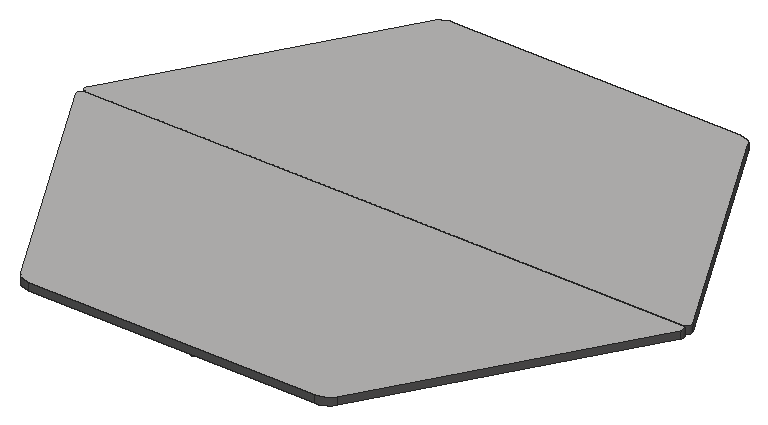
Revit family "22M 60 Hex", category Furniture, Revit 2016
Family settings
  OmniClass Number = 23.40.20.00
  OmniClass Title = General Furniture and Specialties
  Work Plane-Based = No
  Always vertical = Yes
  Cut with Voids When Loaded = No
  Shared = No
  Room Calculation Point = No
Parameters
  Top [instance] = Palmer Hamilton Lt Gry
  Open [instance] = yes
  Height [instance] = 2' - 5"
  Frame [instance] = Palmer Hamilton Black
  Edge [instance] = Palmer Hamilton Black
  Closed [instance] = not(Open)  # no
Reference planes (in)
  plane 1 "Center Front/Back": y = 0
  plane 2: z = 0
  plane 3 "Center Left/Right": x = 0
  plane 4: z = 29
  plane 5: z = 28.1875
  plane 6: z = 26.0625
Forms (in)
  Extrusion 1, solid, material "Palmer Hamilton Black" <- "Frame", visible <- "Open"
    sketch origin (0, 0, 0) x (1, 0, 0) y (0, 1, 0)
      loop
        line (-23.80109, -5.0625) -> (-23.80109, -8.21742) -> (-19.2566, -19.18879) -> (0, -27.16514) -> (19.2566, -19.18879) -> (23.80109, -8.21742) -> (23.80109, -5.0625) -> (23.30109, -5.0625) -> (23.30109, -8.11796) -> (18.87392, -18.80611) -> (0, -26.62394) -> (-18.87392, -18.80611) -> (-23.30109, -8.11796) -> (-23.30109, -5.0625) -> (-23.80109, -5.0625)
    from 26.0625 to 28.1875
  Extrusion 2, solid, visible <- "Open"
    sketch origin (0, 0, 0) x (1, 0, 0) y (0, 1, 0)
      loop
        line (-34.17192, -0.8125) -> (-17.89786, -29)
        arc (-17.89786, -29) -> (-17.16581, -29.73205) -> (-16.16581, -30) r 2
        line (-16.16581, -30) -> (16.16581, -30)
        arc (16.16581, -30) -> (17.16581, -29.73205) -> (17.89786, -29) r 2
        line (17.89786, -29) -> (34.17192, -0.8125)
        arc (34.17192, -0.8125) -> (34.17192, -0.3125) -> (33.73891, -0.0625) r 0.5
        line (33.73891, -0.0625) -> (-33.73891, -0.0625)
        arc (-33.73891, -0.0625) -> (-34.17192, -0.3125) -> (-34.17192, -0.8125) r 0.5
    from 28.1875 to 29
  Extrusion 3, solid, material "Palmer Hamilton Black" <- "Frame", visible <- "Closed"
    sketch origin (0, 25.42753, 37.57814) x (1, 0, 0) y (0, 0.017452, 0.999848)
      loop
        line (-23.80109, -5.0625) -> (-23.80109, -8.21742) -> (-19.2566, -19.18879) -> (0, -27.16514) -> (19.2566, -19.18879) -> (23.80109, -8.21742) -> (23.80109, -5.0625) -> (23.30109, -5.0625) -> (23.30109, -8.11796) -> (18.87392, -18.80611) -> (0, -26.62394) -> (-18.87392, -18.80611) -> (-23.30109, -8.11796) -> (-23.30109, -5.0625) -> (-23.80109, -5.0625)
    from 26.0625 to 28.1875
  Extrusion 4, solid, visible <- "Closed"
    sketch origin (0, 25.42753, 37.57814) x (1, 0, 0) y (0, 0.017452, 0.999848)
      loop
        line (-34.17192, -0.8125) -> (-17.89786, -29)
        arc (-17.89786, -29) -> (-17.16581, -29.73205) -> (-16.16581, -30) r 2
        line (-16.16581, -30) -> (16.16581, -30)
        arc (16.16581, -30) -> (17.16581, -29.73205) -> (17.89786, -29) r 2
        line (17.89786, -29) -> (34.17192, -0.8125)
        arc (34.17192, -0.8125) -> (34.17192, -0.3125) -> (33.73891, -0.0625) r 0.5
        line (33.73891, -0.0625) -> (-33.73891, -0.0625)
        arc (-33.73891, -0.0625) -> (-34.17192, -0.3125) -> (-34.17192, -0.8125) r 0.5
    from 28.1875 to 29
  Extrusion 5, solid, material "Palmer Hamilton Black" <- "Frame", visible <- "Open"
    sketch origin (0, 0, 0) x (-1, 0, 0) y (0, -1, 0)
      loop
        line (-23.80109, -5.0625) -> (-23.80109, -8.21742) -> (-19.2566, -19.18879) -> (0, -27.16514) -> (19.2566, -19.18879) -> (23.80109, -8.21742) -> (23.80109, -5.0625) -> (23.30109, -5.0625) -> (23.30109, -8.11796) -> (18.87392, -18.80611) -> (0, -26.62394) -> (-18.87392, -18.80611) -> (-23.30109, -8.11796) -> (-23.30109, -5.0625) -> (-23.80109, -5.0625)
    from 26.0625 to 28.1875
  Extrusion 6, solid, visible <- "Open"
    sketch origin (0, 0, 0) x (-1, 0, 0) y (0, -1, 0)
      loop
        line (-34.17192, -0.8125) -> (-17.89786, -29)
        arc (-17.89786, -29) -> (-17.16581, -29.73205) -> (-16.16581, -30) r 2
        line (-16.16581, -30) -> (16.16581, -30)
        arc (16.16581, -30) -> (17.16581, -29.73205) -> (17.89786, -29) r 2
        line (17.89786, -29) -> (34.17192, -0.8125)
        arc (34.17192, -0.8125) -> (34.17192, -0.3125) -> (33.73891, -0.0625) r 0.5
        line (33.73891, -0.0625) -> (-33.73891, -0.0625)
        arc (-33.73891, -0.0625) -> (-34.17192, -0.3125) -> (-34.17192, -0.8125) r 0.5
    from 28.1875 to 29
  Extrusion 7, solid, material "Palmer Hamilton Black" <- "Frame", visible <- "Closed"
    sketch origin (0, -25.42753, 37.57814) x (-1, 0, 0) y (0, -0.017452, 0.999848)
      loop
        line (-23.80109, -5.0625) -> (-23.80109, -8.21742) -> (-19.2566, -19.18879) -> (0, -27.16514) -> (19.2566, -19.18879) -> (23.80109, -8.21742) -> (23.80109, -5.0625) -> (23.30109, -5.0625) -> (23.30109, -8.11796) -> (18.87392, -18.80611) -> (0, -26.62394) -> (-18.87392, -18.80611) -> (-23.30109, -8.11796) -> (-23.30109, -5.0625) -> (-23.80109, -5.0625)
    from 26.0625 to 28.1875
  Extrusion 8, solid, visible <- "Closed"
    sketch origin (0, -25.42753, 37.57814) x (-1, 0, 0) y (0, -0.017452, 0.999848)
      loop
        line (-34.17192, -0.8125) -> (-17.89786, -29)
        arc (-17.89786, -29) -> (-17.16581, -29.73205) -> (-16.16581, -30) r 2
        line (-16.16581, -30) -> (16.16581, -30)
        arc (16.16581, -30) -> (17.16581, -29.73205) -> (17.89786, -29) r 2
        line (17.89786, -29) -> (34.17192, -0.8125)
        arc (34.17192, -0.8125) -> (34.17192, -0.3125) -> (33.73891, -0.0625) r 0.5
        line (33.73891, -0.0625) -> (-33.73891, -0.0625)
        arc (-33.73891, -0.0625) -> (-34.17192, -0.3125) -> (-34.17192, -0.8125) r 0.5
    from 28.1875 to 29
  Extrusion 9, solid, material "Palmer Hamilton Black" <- "Frame", visible <- "Open"
    sketch origin (0, -0.04778, 5) x (0, 1, 0) y (0, 0, 1)
      loop
        line (0.5625, 20.44279) -> (0.5625, 22.17483) -> (-1.05432, 22.17483) -> (-1.05432, 22.61495) -> (-2.319, 22.61495) -> (-2.319, 23.1875) -> (-7.8464, 23.1875) -> (-7.8464, 21.04911) -> (-4.819, 21.04911) -> (-4.12777, 20.56511) -> (-2.19922, 20.56511)
        arc (-2.19922, 20.56511) -> (-1.96819, 20.47396) -> (-1.80353, 20.28804) r 0.53311
        line (-1.80353, 20.28804) -> (-1.74766, 20.07952)
        arc (-1.74766, 20.07952) -> (-1.6893, 19.93864) -> (-1.54842, 19.88029) r 0.19923
        line (-1.54842, 19.88029) -> (0, 19.88029)
        arc (0, 19.88029) -> (0.39775, 20.04504) -> (0.5625, 20.44279) r 0.5625
    from 23.6148 to 23.7344
  Extrusion 10, solid, material "Palmer Hamilton Black" <- "Frame", visible <- "Closed"
    sketch origin (0, 23.38594, 40.67249) x (0, 0.017452, 0.999848) y (0, -0.999848, 0.017452)
      loop
        line (-2.43704, 23.39043) -> (-2.43704, 25.12248) -> (-4.05386, 25.12248) -> (-4.05386, 25.5626) -> (-5.31854, 25.5626) -> (-5.31854, 26.13514) -> (-14.81854, 26.13514) -> (-14.81854, 23.99675) -> (-7.81854, 23.99675) -> (-7.12731, 23.51275) -> (-5.19876, 23.51275)
        arc (-5.19876, 23.51275) -> (-4.96774, 23.4216) -> (-4.80307, 23.23569) r 0.53311
        line (-4.80307, 23.23569) -> (-4.7472, 23.02716)
        arc (-4.7472, 23.02716) -> (-4.68885, 22.88628) -> (-4.54797, 22.82793) r 0.19923
        line (-4.54797, 22.82793) -> (-2.99954, 22.82793)
        arc (-2.99954, 22.82793) -> (-2.6018, 22.99268) -> (-2.43704, 23.39043) r 0.5625
    from 23.6148 to 23.7344
  Extrusion 11, solid, material "Palmer Hamilton Black" <- "Frame", visible <- "Open"
    sketch origin (0, -0.04778, 5) x (0, -1, 0) y (0, 0, 1)
      loop
        line (0.5625, 20.44279) -> (0.5625, 22.17483) -> (-1.05432, 22.17483) -> (-1.05432, 22.61495) -> (-2.319, 22.61495) -> (-2.319, 23.1875) -> (-8.14134, 23.1875) -> (-8.14134, 21.04911) -> (-4.819, 21.04911) -> (-4.12777, 20.56511) -> (-2.19922, 20.56511)
        arc (-2.19922, 20.56511) -> (-1.96819, 20.47396) -> (-1.80353, 20.28804) r 0.53311
        line (-1.80353, 20.28804) -> (-1.74766, 20.07952)
        arc (-1.74766, 20.07952) -> (-1.6893, 19.93864) -> (-1.54842, 19.88029) r 0.19923
        line (-1.54842, 19.88029) -> (0, 19.88029)
        arc (0, 19.88029) -> (0.39775, 20.04504) -> (0.5625, 20.44279) r 0.5625
    from -23.8544 to -23.7344
  Extrusion 12, solid, material "Palmer Hamilton Black" <- "Frame", visible <- "Closed"
    sketch origin (0, -23.48151, 40.67249) x (0, -0.017452, 0.999848) y (0, 0.999848, 0.017452)
      loop
        line (-2.43704, 23.39043) -> (-2.43704, 25.12248) -> (-4.05386, 25.12248) -> (-4.05386, 25.5626) -> (-5.31854, 25.5626) -> (-5.31854, 26.13514) -> (-14.81854, 26.13514) -> (-14.81854, 23.99675) -> (-7.81854, 23.99675) -> (-7.12731, 23.51275) -> (-5.19876, 23.51275)
        arc (-5.19876, 23.51275) -> (-4.96774, 23.4216) -> (-4.80307, 23.23569) r 0.53311
        line (-4.80307, 23.23569) -> (-4.7472, 23.02716)
        arc (-4.7472, 23.02716) -> (-4.68885, 22.88628) -> (-4.54797, 22.82793) r 0.19923
        line (-4.54797, 22.82793) -> (-2.99954, 22.82793)
        arc (-2.99954, 22.82793) -> (-2.6018, 22.99268) -> (-2.43704, 23.39043) r 0.5625
    from -23.8544 to -23.7344
  Extrusion 13, solid, material "Palmer Hamilton Black" <- "Frame", visible <- "Open"
    sketch origin (0, -0.04778, 5) x (0, 1, 0) y (0, 0, 1)
      loop
        line (0.5625, 20.44279) -> (0.5625, 22.17483) -> (-1.05432, 22.17483) -> (-1.05432, 22.61495) -> (-2.319, 22.61495) -> (-2.319, 23.1875) -> (-7.8464, 23.1875) -> (-7.8464, 21.04911) -> (-4.819, 21.04911) -> (-4.12777, 20.56511) -> (-2.19922, 20.56511)
        arc (-2.19922, 20.56511) -> (-1.96819, 20.47396) -> (-1.80353, 20.28804) r 0.53311
        line (-1.80353, 20.28804) -> (-1.74766, 20.07952)
        arc (-1.74766, 20.07952) -> (-1.6893, 19.93864) -> (-1.54842, 19.88029) r 0.19923
        line (-1.54842, 19.88029) -> (0, 19.88029)
        arc (0, 19.88029) -> (0.39775, 20.04504) -> (0.5625, 20.44279) r 0.5625
    from 17.25 to 17.375
  Extrusion 14, solid, material "Palmer Hamilton Black" <- "Frame", visible <- "Open"
    sketch origin (0, -0.04778, 5) x (0, -1, 0) y (0, 0, 1)
      loop
        line (0.5625, 20.44279) -> (0.5625, 22.17483) -> (-1.05432, 22.17483) -> (-1.05432, 22.61495) -> (-2.319, 22.61495) -> (-2.319, 23.1875) -> (-8.14134, 23.1875) -> (-8.14134, 21.04911) -> (-4.819, 21.04911) -> (-4.12777, 20.56511) -> (-2.19922, 20.56511)
        arc (-2.19922, 20.56511) -> (-1.96819, 20.47396) -> (-1.80353, 20.28804) r 0.53311
        line (-1.80353, 20.28804) -> (-1.74766, 20.07952)
        arc (-1.74766, 20.07952) -> (-1.6893, 19.93864) -> (-1.54842, 19.88029) r 0.19923
        line (-1.54842, 19.88029) -> (0, 19.88029)
        arc (0, 19.88029) -> (0.39775, 20.04504) -> (0.5625, 20.44279) r 0.5625
    from -17.5 to -17.375
  Extrusion 15, solid, material "Palmer Hamilton Black" <- "Frame", visible <- "Closed"
    sketch origin (0, 23.38594, 40.67249) x (0, 0.017452, 0.999848) y (0, -0.999848, 0.017452)
      loop
        line (-2.43704, 23.39043) -> (-2.43704, 25.12248) -> (-4.05386, 25.12248) -> (-4.05386, 25.5626) -> (-5.31854, 25.5626) -> (-5.31854, 26.13514) -> (-14.81854, 26.13514) -> (-14.81854, 23.99675) -> (-7.81854, 23.99675) -> (-7.12731, 23.51275) -> (-5.19876, 23.51275)
        arc (-5.19876, 23.51275) -> (-4.96774, 23.4216) -> (-4.80307, 23.23569) r 0.53311
        line (-4.80307, 23.23569) -> (-4.7472, 23.02716)
        arc (-4.7472, 23.02716) -> (-4.68885, 22.88628) -> (-4.54797, 22.82793) r 0.19923
        line (-4.54797, 22.82793) -> (-2.99954, 22.82793)
        arc (-2.99954, 22.82793) -> (-2.6018, 22.99268) -> (-2.43704, 23.39043) r 0.5625
    from 17.25 to 17.375
  Extrusion 16, solid, material "Palmer Hamilton Black" <- "Frame", visible <- "Closed"
    sketch origin (0, -23.48151, 40.67249) x (0, -0.017452, 0.999848) y (0, 0.999848, 0.017452)
      loop
        line (-2.43704, 23.39043) -> (-2.43704, 25.12248) -> (-4.05386, 25.12248) -> (-4.05386, 25.5626) -> (-5.31854, 25.5626) -> (-5.31854, 26.13514) -> (-14.81854, 26.13514) -> (-14.81854, 23.99675) -> (-7.81854, 23.99675) -> (-7.12731, 23.51275) -> (-5.19876, 23.51275)
        arc (-5.19876, 23.51275) -> (-4.96774, 23.4216) -> (-4.80307, 23.23569) r 0.53311
        line (-4.80307, 23.23569) -> (-4.7472, 23.02716)
        arc (-4.7472, 23.02716) -> (-4.68885, 22.88628) -> (-4.54797, 22.82793) r 0.19923
        line (-4.54797, 22.82793) -> (-2.99954, 22.82793)
        arc (-2.99954, 22.82793) -> (-2.6018, 22.99268) -> (-2.43704, 23.39043) r 0.5625
    from -17.5 to -17.375
  Extrusion 17, solid, material "Palmer Hamilton Black" <- "Frame", visible <- "Closed"
    sketch origin (0, -23.48151, 40.67249) x (0, -0.017452, 0.999848) y (0, 0.999848, 0.017452)
      loop
        line (-2.43704, 23.39043) -> (-2.43704, 25.12248) -> (-4.05386, 25.12248) -> (-4.05386, 25.5626) -> (-5.31854, 25.5626) -> (-5.31854, 26.13514) -> (-14.81854, 26.13514) -> (-14.81854, 23.99675) -> (-7.81854, 23.99675) -> (-7.12731, 23.51275) -> (-5.19876, 23.51275)
        arc (-5.19876, 23.51275) -> (-4.96774, 23.4216) -> (-4.80307, 23.23569) r 0.53311
        line (-4.80307, 23.23569) -> (-4.7472, 23.02716)
        arc (-4.7472, 23.02716) -> (-4.68885, 22.88628) -> (-4.54797, 22.82793) r 0.19923
        line (-4.54797, 22.82793) -> (-2.99954, 22.82793)
        arc (-2.99954, 22.82793) -> (-2.6018, 22.99268) -> (-2.43704, 23.39043) r 0.5625
    from -12.1671 to -12.0625
  Extrusion 18, solid, material "Palmer Hamilton Black" <- "Frame", visible <- "Open"
    sketch origin (0, -0.04778, 5) x (0, -1, 0) y (0, 0, 1)
      loop
        line (0.5625, 20.44279) -> (0.5625, 22.17483) -> (-1.05432, 22.17483) -> (-1.05432, 22.61495) -> (-2.319, 22.61495) -> (-2.319, 23.1875) -> (-8.14134, 23.1875) -> (-8.14134, 21.04911) -> (-4.819, 21.04911) -> (-4.12777, 20.56511) -> (-2.19922, 20.56511)
        arc (-2.19922, 20.56511) -> (-1.96819, 20.47396) -> (-1.80353, 20.28804) r 0.53311
        line (-1.80353, 20.28804) -> (-1.74766, 20.07952)
        arc (-1.74766, 20.07952) -> (-1.6893, 19.93864) -> (-1.54842, 19.88029) r 0.19923
        line (-1.54842, 19.88029) -> (0, 19.88029)
        arc (0, 19.88029) -> (0.39775, 20.04504) -> (0.5625, 20.44279) r 0.5625
    from -12.1671 to -12.0625
  Extrusion 19, solid, material "Palmer Hamilton Black" <- "Frame", visible <- "Open"
    sketch origin (0, -0.04778, 5) x (0, 1, 0) y (0, 0, -1)
      loop
        arc (0.5625, -20.44279) -> (0.39775, -20.04504) -> (0, -19.88029) r 0.5625
        line (0, -19.88029) -> (-1.54842, -19.88029)
        arc (-1.54842, -19.88029) -> (-1.6893, -19.93864) -> (-1.74766, -20.07952) r 0.19923
        line (-1.74766, -20.07952) -> (-1.80353, -20.28804)
        arc (-1.80353, -20.28804) -> (-1.96819, -20.47396) -> (-2.19922, -20.56511) r 0.53311
        line (-2.19922, -20.56511) -> (-4.12777, -20.56511) -> (-4.819, -21.04911) -> (-7.8464, -21.04911) -> (-7.8464, -23.1875) -> (-2.319, -23.1875) -> (-2.319, -22.61495) -> (-1.05432, -22.61495) -> (-1.05432, -22.17483) -> (0.5625, -22.17483) -> (0.5625, -20.44279)
    from 23.6148 to 23.7344
  Extrusion 20, solid, material "Palmer Hamilton Black" <- "Frame", visible <- "Open"
    sketch origin (0, -0.04778, 5) x (0, -1, 0) y (0, 0, -1)
      loop
        arc (0.5625, -20.44279) -> (0.39775, -20.04504) -> (0, -19.88029) r 0.5625
        line (0, -19.88029) -> (-1.54842, -19.88029)
        arc (-1.54842, -19.88029) -> (-1.6893, -19.93864) -> (-1.74766, -20.07952) r 0.19923
        line (-1.74766, -20.07952) -> (-1.80353, -20.28804)
        arc (-1.80353, -20.28804) -> (-1.96819, -20.47396) -> (-2.19922, -20.56511) r 0.53311
        line (-2.19922, -20.56511) -> (-4.12777, -20.56511) -> (-4.819, -21.04911) -> (-8.14134, -21.04911) -> (-8.14134, -23.1875) -> (-2.319, -23.1875) -> (-2.319, -22.61495) -> (-1.05432, -22.61495) -> (-1.05432, -22.17483) -> (0.5625, -22.17483) -> (0.5625, -20.44279)
    from -23.8544 to -23.7344
  Extrusion 21, solid, material "Palmer Hamilton Black" <- "Frame", visible <- "Open"
    sketch origin (0, -0.04778, 5) x (0, 1, 0) y (0, 0, -1)
      loop
        arc (0.5625, -20.44279) -> (0.39775, -20.04504) -> (0, -19.88029) r 0.5625
        line (0, -19.88029) -> (-1.54842, -19.88029)
        arc (-1.54842, -19.88029) -> (-1.6893, -19.93864) -> (-1.74766, -20.07952) r 0.19923
        line (-1.74766, -20.07952) -> (-1.80353, -20.28804)
        arc (-1.80353, -20.28804) -> (-1.96819, -20.47396) -> (-2.19922, -20.56511) r 0.53311
        line (-2.19922, -20.56511) -> (-4.12777, -20.56511) -> (-4.819, -21.04911) -> (-7.8464, -21.04911) -> (-7.8464, -23.1875) -> (-2.319, -23.1875) -> (-2.319, -22.61495) -> (-1.05432, -22.61495) -> (-1.05432, -22.17483) -> (0.5625, -22.17483) -> (0.5625, -20.44279)
    from 17.25 to 17.375
  Extrusion 22, solid, material "Palmer Hamilton Black" <- "Frame", visible <- "Open"
    sketch origin (0, -0.04778, 5) x (0, -1, 0) y (0, 0, -1)
      loop
        arc (0.5625, -20.44279) -> (0.39775, -20.04504) -> (0, -19.88029) r 0.5625
        line (0, -19.88029) -> (-1.54842, -19.88029)
        arc (-1.54842, -19.88029) -> (-1.6893, -19.93864) -> (-1.74766, -20.07952) r 0.19923
        line (-1.74766, -20.07952) -> (-1.80353, -20.28804)
        arc (-1.80353, -20.28804) -> (-1.96819, -20.47396) -> (-2.19922, -20.56511) r 0.53311
        line (-2.19922, -20.56511) -> (-4.12777, -20.56511) -> (-4.819, -21.04911) -> (-8.14134, -21.04911) -> (-8.14134, -23.1875) -> (-2.319, -23.1875) -> (-2.319, -22.61495) -> (-1.05432, -22.61495) -> (-1.05432, -22.17483) -> (0.5625, -22.17483) -> (0.5625, -20.44279)
    from -17.5 to -17.375
  Extrusion 23, solid, material "Palmer Hamilton Black" <- "Frame", visible <- "Closed"
    sketch origin (0, -23.48151, 40.67249) x (0, -0.017452, 0.999848) y (0, -0.999848, -0.017452)
      loop
        arc (-2.43704, -23.39043) -> (-2.6018, -22.99268) -> (-2.99954, -22.82793) r 0.5625
        line (-2.99954, -22.82793) -> (-4.54797, -22.82793)
        arc (-4.54797, -22.82793) -> (-4.68885, -22.88628) -> (-4.7472, -23.02716) r 0.19923
        line (-4.7472, -23.02716) -> (-4.80307, -23.23569)
        arc (-4.80307, -23.23569) -> (-4.96774, -23.4216) -> (-5.19876, -23.51275) r 0.53311
        line (-5.19876, -23.51275) -> (-7.12731, -23.51275) -> (-7.81854, -23.99675) -> (-14.81854, -23.99675) -> (-14.81854, -26.13514) -> (-5.31854, -26.13514) -> (-5.31854, -25.5626) -> (-4.05386, -25.5626) -> (-4.05386, -25.12248) -> (-2.43704, -25.12248) -> (-2.43704, -23.39043)
    from -12.1671 to -12.0625
  Extrusion 24, solid, material "Palmer Hamilton Black" <- "Frame", visible <- "Open"
    sketch origin (0, -0.04778, 5) x (0, -1, 0) y (0, 0, -1)
      loop
        arc (0.5625, -20.44279) -> (0.39775, -20.04504) -> (0, -19.88029) r 0.5625
        line (0, -19.88029) -> (-1.54842, -19.88029)
        arc (-1.54842, -19.88029) -> (-1.6893, -19.93864) -> (-1.74766, -20.07952) r 0.19923
        line (-1.74766, -20.07952) -> (-1.80353, -20.28804)
        arc (-1.80353, -20.28804) -> (-1.96819, -20.47396) -> (-2.19922, -20.56511) r 0.53311
        line (-2.19922, -20.56511) -> (-4.12777, -20.56511) -> (-4.819, -21.04911) -> (-8.14134, -21.04911) -> (-8.14134, -23.1875) -> (-2.319, -23.1875) -> (-2.319, -22.61495) -> (-1.05432, -22.61495) -> (-1.05432, -22.17483) -> (0.5625, -22.17483) -> (0.5625, -20.44279)
    from -12.1671 to -12.0625
  Extrusion 25, solid, material "Palmer Hamilton Black" <- "Frame", visible <- "Closed"
    sketch origin (0, 23.38594, 40.67249) x (0, 0.017452, 0.999848) y (0, 0.999848, -0.017452)
      loop
        arc (-2.43704, -23.39043) -> (-2.6018, -22.99268) -> (-2.99954, -22.82793) r 0.5625
        line (-2.99954, -22.82793) -> (-4.54797, -22.82793)
        arc (-4.54797, -22.82793) -> (-4.68885, -22.88628) -> (-4.7472, -23.02716) r 0.19923
        line (-4.7472, -23.02716) -> (-4.80307, -23.23569)
        arc (-4.80307, -23.23569) -> (-4.96774, -23.4216) -> (-5.19876, -23.51275) r 0.53311
        line (-5.19876, -23.51275) -> (-7.12731, -23.51275) -> (-7.81854, -23.99675) -> (-14.81854, -23.99675) -> (-14.81854, -26.13514) -> (-5.31854, -26.13514) -> (-5.31854, -25.5626) -> (-4.05386, -25.5626) -> (-4.05386, -25.12248) -> (-2.43704, -25.12248) -> (-2.43704, -23.39043)
    from 23.6148 to 23.7344
  Extrusion 26, solid, material "Palmer Hamilton Black" <- "Frame", visible <- "Closed"
    sketch origin (0, -23.48151, 40.67249) x (0, -0.017452, 0.999848) y (0, -0.999848, -0.017452)
      loop
        arc (-2.43704, -23.39043) -> (-2.6018, -22.99268) -> (-2.99954, -22.82793) r 0.5625
        line (-2.99954, -22.82793) -> (-4.54797, -22.82793)
        arc (-4.54797, -22.82793) -> (-4.68885, -22.88628) -> (-4.7472, -23.02716) r 0.19923
        line (-4.7472, -23.02716) -> (-4.80307, -23.23569)
        arc (-4.80307, -23.23569) -> (-4.96774, -23.4216) -> (-5.19876, -23.51275) r 0.53311
        line (-5.19876, -23.51275) -> (-7.12731, -23.51275) -> (-7.81854, -23.99675) -> (-14.81854, -23.99675) -> (-14.81854, -26.13514) -> (-5.31854, -26.13514) -> (-5.31854, -25.5626) -> (-4.05386, -25.5626) -> (-4.05386, -25.12248) -> (-2.43704, -25.12248) -> (-2.43704, -23.39043)
    from -23.8544 to -23.7344
  Extrusion 27, solid, material "Palmer Hamilton Black" <- "Frame", visible <- "Closed"
    sketch origin (0, 23.38594, 40.67249) x (0, 0.017452, 0.999848) y (0, 0.999848, -0.017452)
      loop
        arc (-2.43704, -23.39043) -> (-2.6018, -22.99268) -> (-2.99954, -22.82793) r 0.5625
        line (-2.99954, -22.82793) -> (-4.54797, -22.82793)
        arc (-4.54797, -22.82793) -> (-4.68885, -22.88628) -> (-4.7472, -23.02716) r 0.19923
        line (-4.7472, -23.02716) -> (-4.80307, -23.23569)
        arc (-4.80307, -23.23569) -> (-4.96774, -23.4216) -> (-5.19876, -23.51275) r 0.53311
        line (-5.19876, -23.51275) -> (-7.12731, -23.51275) -> (-7.81854, -23.99675) -> (-14.81854, -23.99675) -> (-14.81854, -26.13514) -> (-5.31854, -26.13514) -> (-5.31854, -25.5626) -> (-4.05386, -25.5626) -> (-4.05386, -25.12248) -> (-2.43704, -25.12248) -> (-2.43704, -23.39043)
    from 17.25 to 17.375
  Extrusion 28, solid, material "Palmer Hamilton Black" <- "Frame", visible <- "Closed"
    sketch origin (0, -23.48151, 40.67249) x (0, -0.017452, 0.999848) y (0, -0.999848, -0.017452)
      loop
        arc (-2.43704, -23.39043) -> (-2.6018, -22.99268) -> (-2.99954, -22.82793) r 0.5625
        line (-2.99954, -22.82793) -> (-4.54797, -22.82793)
        arc (-4.54797, -22.82793) -> (-4.68885, -22.88628) -> (-4.7472, -23.02716) r 0.19923
        line (-4.7472, -23.02716) -> (-4.80307, -23.23569)
        arc (-4.80307, -23.23569) -> (-4.96774, -23.4216) -> (-5.19876, -23.51275) r 0.53311
        line (-5.19876, -23.51275) -> (-7.12731, -23.51275) -> (-7.81854, -23.99675) -> (-14.81854, -23.99675) -> (-14.81854, -26.13514) -> (-5.31854, -26.13514) -> (-5.31854, -25.5626) -> (-4.05386, -25.5626) -> (-4.05386, -25.12248) -> (-2.43704, -25.12248) -> (-2.43704, -23.39043)
    from -17.5 to -17.375
Dimensions and locks (in)
  locked: plane 5 to plane 6 at 2.125
  locked: plane 4 to plane 5 at 0.8125
  "Height": plane 4 to level
  aligned and locked: level to plane 2
  aligned and locked: plane 5 to Extrusion 1
  aligned and locked: Extrusion 1 to plane 6
  aligned and locked: plane 4 to Extrusion 2
  aligned and locked: Extrusion 2 to plane 5
  aligned and locked: plane 4 to Extrusion 6
  aligned and locked: Extrusion 6 to plane 5
  aligned and locked: plane 5 to Extrusion 5
  aligned and locked: Extrusion 5 to plane 6
Automatic sketch dimensions
  Extrusion 1 sketch curve to plane 3 "Center Left/Right" = 0' - 0"  (x2)
  Extrusion 1 sketch curve to plane 3 "Center Left/Right" = 1' - 6.87392"
  Extrusion 1 sketch curve to Extrusion 1 sketch curve = 0' - 0.38268"  (x4)
  plane 1 "Center Front/Back" to Extrusion 1 sketch curve = 0' - 8.11796"
  Extrusion 1 sketch curve to Extrusion 1 sketch curve = 0' - 4.42718"  (x2)
  plane 1 "Center Front/Back" to Extrusion 1 sketch curve = 0' - 8.21742"
  Extrusion 1 sketch curve to Extrusion 1 sketch curve = 0' - 0 1/2"  (x2)
  plane 3 "Center Left/Right" to Extrusion 1 sketch curve = 1' - 6.87392"
  plane 1 "Center Front/Back" to Extrusion 1 sketch curve = 0' - 5 1/16"
  Extrusion 1 sketch curve to Extrusion 1 sketch curve = 1' - 1.74361"
  Extrusion 1 sketch curve to Extrusion 1 sketch curve = 0' - 10.68815"
  Extrusion 1 sketch curve to Extrusion 1 sketch curve = 0' - 7.81783"
  Extrusion 1 sketch curve to Extrusion 1 sketch curve = 0' - 0.5412"
  Extrusion 1 sketch curve to Extrusion 1 sketch curve = 0' - 3.15492"
  Extrusion 1 sketch curve to Extrusion 1 sketch curve = 0' - 0.09946"
  Extrusion 1 sketch curve to Extrusion 1 sketch curve = 0' - 3.05546"
  plane 1 "Center Front/Back" to Extrusion 2 sketch curve = 0' - 0 13/16"  (x2)
  Extrusion 2 sketch curve to plane 3 "Center Left/Right" = 2' - 10.17192"
  Extrusion 2 sketch curve to Extrusion 2 sketch curve = 0' - 0.43301"  (x2)
  Extrusion 2 sketch curve to plane 3 "Center Left/Right" = 1' - 5.89786"
  Extrusion 2 sketch curve to Extrusion 2 sketch curve = 0' - 1.73205"  (x2)
  plane 3 "Center Left/Right" to Extrusion 2 sketch curve = 1' - 4.16581"
  plane 1 "Center Front/Back" to Extrusion 2 sketch curve = 0' - 0 1/16"
  Extrusion 2 sketch curve to Extrusion 2 sketch curve = 1' - 3.84105"
  plane 1 "Center Front/Back" to Extrusion 2 sketch curve = 2' - 4"
  Extrusion 2 sketch curve to Extrusion 2 sketch curve = 0' - 1"
  Extrusion 2 sketch curve to Extrusion 2 sketch curve = 0' - 2"
  Extrusion 3 sketch curve to plane 3 "Center Left/Right" = 0' - 0"  (x2)
  Extrusion 3 sketch curve to plane 3 "Center Left/Right" = 1' - 6.87392"
  Extrusion 3 sketch curve to Extrusion 3 sketch curve = 0' - 0.38268"  (x4)
  Extrusion 3 sketch curve to Extrusion 3 sketch curve = 0' - 4.42718"  (x2)
  Extrusion 3 sketch curve to Extrusion 3 sketch curve = 0' - 0 1/2"  (x2)
  plane 3 "Center Left/Right" to Extrusion 3 sketch curve = 1' - 6.87392"
  Extrusion 3 sketch curve to Extrusion 3 sketch curve = 0' - 0.5412"
  Extrusion 3 sketch curve to Extrusion 3 sketch curve = 0' - 7.43515"  (x2)
  Extrusion 3 sketch curve to Extrusion 3 sketch curve = 0' - 10.58869"  (x2)
  Extrusion 3 sketch curve to Extrusion 3 sketch curve = 0' - 0.09946"  (x2)
  Extrusion 3 sketch curve to Extrusion 3 sketch curve = 0' - 3.05546"  (x2)
  Extrusion 4 sketch curve to plane 3 "Center Left/Right" = 2' - 10.17192"
  Extrusion 4 sketch curve to Extrusion 4 sketch curve = 0' - 0.43301"  (x2)
  Extrusion 4 sketch curve to plane 3 "Center Left/Right" = 1' - 5.89786"
  Extrusion 4 sketch curve to Extrusion 4 sketch curve = 0' - 1.73205"  (x2)
  plane 3 "Center Left/Right" to Extrusion 4 sketch curve = 1' - 4.16581"
  Extrusion 4 sketch curve to Extrusion 4 sketch curve = 1' - 3.84105"
  Extrusion 4 sketch curve to Extrusion 4 sketch curve = 0' - 1"  (x2)
  Extrusion 4 sketch curve to Extrusion 4 sketch curve = 2' - 4 3/16"  (x2)
  Extrusion 4 sketch curve to Extrusion 4 sketch curve = 0' - 0 1/4"
  Extrusion 5 sketch curve to plane 3 "Center Left/Right" = 0' - 0"  (x2)
  plane 3 "Center Left/Right" to Extrusion 5 sketch curve = 1' - 6.87392"
  Extrusion 5 sketch curve to Extrusion 5 sketch curve = 0' - 0.38268"  (x4)
  Extrusion 5 sketch curve to plane 1 "Center Front/Back" = 0' - 8.11796"
  Extrusion 5 sketch curve to Extrusion 5 sketch curve = 0' - 4.42718"  (x2)
  Extrusion 5 sketch curve to Extrusion 5 sketch curve = 0' - 0 1/2"  (x2)
  Extrusion 5 sketch curve to plane 3 "Center Left/Right" = 1' - 6.87392"
  Extrusion 5 sketch curve to plane 1 "Center Front/Back" = 0' - 5 1/16"
  Extrusion 5 sketch curve to Extrusion 5 sketch curve = 0' - 3.05546"  (x2)
  Extrusion 5 sketch curve to Extrusion 5 sketch curve = 0' - 0.09946"  (x2)
  Extrusion 5 sketch curve to Extrusion 5 sketch curve = 0' - 10.68815"  (x2)
  Extrusion 5 sketch curve to Extrusion 5 sketch curve = 0' - 7.81783"
  Extrusion 5 sketch curve to Extrusion 5 sketch curve = 0' - 0.5412"
  Extrusion 6 sketch curve to plane 1 "Center Front/Back" = 0' - 0 13/16"  (x2)
  plane 3 "Center Left/Right" to Extrusion 6 sketch curve = 2' - 10.17192"
  Extrusion 6 sketch curve to Extrusion 6 sketch curve = 0' - 0.43301"  (x2)
  plane 3 "Center Left/Right" to Extrusion 6 sketch curve = 1' - 5.89786"
  Extrusion 6 sketch curve to Extrusion 6 sketch curve = 0' - 1.73205"  (x2)
  Extrusion 6 sketch curve to plane 3 "Center Left/Right" = 1' - 4.16581"
  Extrusion 6 sketch curve to plane 1 "Center Front/Back" = 0' - 0 1/16"
  Extrusion 6 sketch curve to Extrusion 6 sketch curve = 1' - 3.84105"
  Extrusion 6 sketch curve to plane 1 "Center Front/Back" = 2' - 4"  (x2)
  Extrusion 6 sketch curve to Extrusion 6 sketch curve = 0' - 1"
  Extrusion 7 sketch curve to plane 3 "Center Left/Right" = 0' - 0"  (x2)
  plane 3 "Center Left/Right" to Extrusion 7 sketch curve = 1' - 6.87392"
  Extrusion 7 sketch curve to Extrusion 7 sketch curve = 0' - 0.38268"  (x4)
  Extrusion 7 sketch curve to Extrusion 7 sketch curve = 0' - 4.42718"  (x2)
  Extrusion 7 sketch curve to Extrusion 7 sketch curve = 0' - 0 1/2"  (x2)
  Extrusion 7 sketch curve to plane 3 "Center Left/Right" = 1' - 6.87392"
  Extrusion 7 sketch curve to Extrusion 7 sketch curve = 0' - 0.5412"
  Extrusion 7 sketch curve to Extrusion 7 sketch curve = 0' - 7.43515"  (x2)
  Extrusion 7 sketch curve to Extrusion 7 sketch curve = 0' - 10.58869"  (x2)
  Extrusion 7 sketch curve to Extrusion 7 sketch curve = 0' - 0.09946"  (x2)
  Extrusion 7 sketch curve to Extrusion 7 sketch curve = 0' - 3.05546"  (x2)
  plane 3 "Center Left/Right" to Extrusion 8 sketch curve = 2' - 10.17192"
  Extrusion 8 sketch curve to Extrusion 8 sketch curve = 0' - 0.43301"  (x2)
  plane 3 "Center Left/Right" to Extrusion 8 sketch curve = 1' - 5.89786"
  Extrusion 8 sketch curve to Extrusion 8 sketch curve = 0' - 1.73205"  (x2)
  Extrusion 8 sketch curve to plane 3 "Center Left/Right" = 1' - 4.16581"
  Extrusion 8 sketch curve to Extrusion 8 sketch curve = 1' - 3.84105"
  Extrusion 8 sketch curve to Extrusion 8 sketch curve = 0' - 1"  (x2)
  Extrusion 8 sketch curve to Extrusion 8 sketch curve = 2' - 4 3/16"  (x2)
  Extrusion 8 sketch curve to Extrusion 8 sketch curve = 0' - 0 1/4"
  plane 1 "Center Front/Back" to Extrusion 9 sketch curve = 0' - 7.89419"
  Extrusion 9 sketch curve to Extrusion 9 sketch curve = 0' - 3.0274"
  Extrusion 9 sketch curve to Extrusion 9 sketch curve = 0' - 0.69123"
  plane 1 "Center Front/Back" to Extrusion 9 sketch curve = 0' - 2.36678"
  Extrusion 9 sketch curve to Extrusion 9 sketch curve = 0' - 1.8538"
  Extrusion 9 sketch curve to Extrusion 9 sketch curve = 0' - 0.07475"
  Extrusion 9 sketch curve to Extrusion 9 sketch curve = 0' - 0.39569"
  Extrusion 9 sketch curve to Extrusion 9 sketch curve = 0' - 0.05587"
  Extrusion 9 sketch curve to Extrusion 9 sketch curve = 0' - 0 51/256"
  plane 1 "Center Front/Back" to Extrusion 9 sketch curve = 0' - 1.1021"
  plane 1 "Center Front/Back" to Extrusion 9 sketch curve = 0' - 0.04778"
  Extrusion 9 sketch curve to plane 1 "Center Front/Back" = 0' - 0.51472"
  Extrusion 9 sketch curve to plane 6 = 0' - 1.18221"
  Extrusion 9 sketch curve to Extrusion 9 sketch curve = 0' - 0.04225"
  Extrusion 9 sketch curve to Extrusion 9 sketch curve = 0' - 0.20852"
  Extrusion 9 sketch curve to Extrusion 9 sketch curve = 0' - 0.484"
  Extrusion 9 sketch curve to Extrusion 9 sketch curve = 0' - 1.73205"
  Extrusion 9 sketch curve to Extrusion 9 sketch curve = 0' - 0.44012"
  Extrusion 9 sketch curve to Extrusion 9 sketch curve = 0' - 0.57255"
  plane 1 "Center Front/Back" to Extrusion 10 sketch curve = 0' - 0.86578"
  plane 6 to Extrusion 10 sketch curve = 0' - 0.2125"
  Extrusion 10 sketch curve to Extrusion 10 sketch curve = 0' - 7"
  Extrusion 10 sketch curve to Extrusion 10 sketch curve = 0' - 0.69123"
  Extrusion 10 sketch curve to Extrusion 10 sketch curve = 0' - 1.80877"
  Extrusion 10 sketch curve to Extrusion 10 sketch curve = 0' - 1.8538"
  Extrusion 10 sketch curve to Extrusion 10 sketch curve = 0' - 0.07475"
  Extrusion 10 sketch curve to Extrusion 10 sketch curve = 0' - 0.39569"
  Extrusion 10 sketch curve to Extrusion 10 sketch curve = 0' - 0.05587"
  Extrusion 10 sketch curve to Extrusion 10 sketch curve = 0' - 0 51/256"
  Extrusion 10 sketch curve to Extrusion 10 sketch curve = 0' - 1.26468"
  Extrusion 10 sketch curve to Extrusion 10 sketch curve = 0' - 1.54842"
  Extrusion 10 sketch curve to Extrusion 10 sketch curve = 0' - 1.61682"
  Extrusion 10 sketch curve to Extrusion 10 sketch curve = 0' - 0.484"
  Extrusion 10 sketch curve to Extrusion 10 sketch curve = 0' - 0.12232"
  Extrusion 10 sketch curve to Extrusion 10 sketch curve = 0' - 0.20852"
  Extrusion 10 sketch curve to Extrusion 10 sketch curve = 0' - 1.73205"
  Extrusion 10 sketch curve to Extrusion 10 sketch curve = 0' - 0.44012"
  Extrusion 10 sketch curve to Extrusion 10 sketch curve = 0' - 0.57255"
  Extrusion 11 sketch curve to plane 1 "Center Front/Back" = 0' - 8.09355"
  Extrusion 11 sketch curve to Extrusion 11 sketch curve = 0' - 3.32234"
  Extrusion 11 sketch curve to Extrusion 11 sketch curve = 0' - 0.69123"
  Extrusion 11 sketch curve to plane 1 "Center Front/Back" = 0' - 2.27122"
  Extrusion 11 sketch curve to Extrusion 11 sketch curve = 0' - 1.8538"
  Extrusion 11 sketch curve to Extrusion 11 sketch curve = 0' - 0.07475"
  Extrusion 11 sketch curve to Extrusion 11 sketch curve = 0' - 0.39569"
  Extrusion 11 sketch curve to Extrusion 11 sketch curve = 0' - 0.05587"
  Extrusion 11 sketch curve to Extrusion 11 sketch curve = 0' - 0 51/256"
  Extrusion 11 sketch curve to plane 1 "Center Front/Back" = 0' - 1.00653"
  plane 1 "Center Front/Back" to Extrusion 11 sketch curve = 0' - 0.04778"
  plane 1 "Center Front/Back" to Extrusion 11 sketch curve = 0' - 0.61028"
  Extrusion 11 sketch curve to plane 6 = 0' - 1.18221"
  Extrusion 11 sketch curve to Extrusion 11 sketch curve = 0' - 0.04225"
  Extrusion 11 sketch curve to Extrusion 11 sketch curve = 0' - 0.20852"
  Extrusion 11 sketch curve to Extrusion 11 sketch curve = 0' - 0.484"
  Extrusion 11 sketch curve to Extrusion 11 sketch curve = 0' - 1.73205"
  Extrusion 11 sketch curve to Extrusion 11 sketch curve = 0' - 0.44012"
  Extrusion 11 sketch curve to Extrusion 11 sketch curve = 0' - 0.57255"
  Extrusion 12 sketch curve to plane 1 "Center Front/Back" = 0' - 0.77021"
  plane 6 to Extrusion 12 sketch curve = 0' - 0.2125"
  Extrusion 12 sketch curve to Extrusion 12 sketch curve = 0' - 7"
  Extrusion 12 sketch curve to Extrusion 12 sketch curve = 0' - 0.69123"
  Extrusion 12 sketch curve to Extrusion 12 sketch curve = 0' - 1.80877"
  Extrusion 12 sketch curve to Extrusion 12 sketch curve = 0' - 1.8538"
  Extrusion 12 sketch curve to Extrusion 12 sketch curve = 0' - 0.07475"
  Extrusion 12 sketch curve to Extrusion 12 sketch curve = 0' - 0.39569"
  Extrusion 12 sketch curve to Extrusion 12 sketch curve = 0' - 0.05587"
  Extrusion 12 sketch curve to Extrusion 12 sketch curve = 0' - 0 51/256"
  Extrusion 12 sketch curve to Extrusion 12 sketch curve = 0' - 1.26468"
  Extrusion 12 sketch curve to Extrusion 12 sketch curve = 0' - 1.54842"
  Extrusion 12 sketch curve to Extrusion 12 sketch curve = 0' - 1.61682"
  Extrusion 12 sketch curve to Extrusion 12 sketch curve = 0' - 0.484"
  Extrusion 12 sketch curve to Extrusion 12 sketch curve = 0' - 0.12232"
  Extrusion 12 sketch curve to Extrusion 12 sketch curve = 0' - 0.20852"
  Extrusion 12 sketch curve to Extrusion 12 sketch curve = 0' - 1.73205"
  Extrusion 12 sketch curve to Extrusion 12 sketch curve = 0' - 0.44012"
  Extrusion 12 sketch curve to Extrusion 12 sketch curve = 0' - 0.57255"
  plane 1 "Center Front/Back" to Extrusion 13 sketch curve = 0' - 7.89419"
  Extrusion 13 sketch curve to Extrusion 13 sketch curve = 0' - 3.0274"
  Extrusion 13 sketch curve to Extrusion 13 sketch curve = 0' - 0.69123"
  plane 1 "Center Front/Back" to Extrusion 13 sketch curve = 0' - 2.36678"
  Extrusion 13 sketch curve to Extrusion 13 sketch curve = 0' - 1.8538"
  Extrusion 13 sketch curve to Extrusion 13 sketch curve = 0' - 0.07475"
  Extrusion 13 sketch curve to Extrusion 13 sketch curve = 0' - 0.39569"
  Extrusion 13 sketch curve to Extrusion 13 sketch curve = 0' - 0.05587"
  Extrusion 13 sketch curve to Extrusion 13 sketch curve = 0' - 0 51/256"
  plane 1 "Center Front/Back" to Extrusion 13 sketch curve = 0' - 1.1021"
  plane 1 "Center Front/Back" to Extrusion 13 sketch curve = 0' - 0.04778"
  Extrusion 13 sketch curve to plane 1 "Center Front/Back" = 0' - 0.51472"
  Extrusion 13 sketch curve to plane 6 = 0' - 1.18221"
  Extrusion 13 sketch curve to Extrusion 13 sketch curve = 0' - 0.04225"
  Extrusion 13 sketch curve to Extrusion 13 sketch curve = 0' - 0.20852"
  Extrusion 13 sketch curve to Extrusion 13 sketch curve = 0' - 0.484"
  Extrusion 13 sketch curve to Extrusion 13 sketch curve = 0' - 1.73205"
  Extrusion 13 sketch curve to Extrusion 13 sketch curve = 0' - 0.44012"
  Extrusion 13 sketch curve to Extrusion 13 sketch curve = 0' - 0.57255"
  Extrusion 14 sketch curve to plane 1 "Center Front/Back" = 0' - 8.09355"
  Extrusion 14 sketch curve to Extrusion 14 sketch curve = 0' - 3.32234"
  Extrusion 14 sketch curve to Extrusion 14 sketch curve = 0' - 0.69123"
  Extrusion 14 sketch curve to plane 1 "Center Front/Back" = 0' - 2.27122"
  Extrusion 14 sketch curve to Extrusion 14 sketch curve = 0' - 1.8538"
  Extrusion 14 sketch curve to Extrusion 14 sketch curve = 0' - 0.07475"
  Extrusion 14 sketch curve to Extrusion 14 sketch curve = 0' - 0.39569"
  Extrusion 14 sketch curve to Extrusion 14 sketch curve = 0' - 0.05587"
  Extrusion 14 sketch curve to Extrusion 14 sketch curve = 0' - 0 51/256"
  Extrusion 14 sketch curve to plane 1 "Center Front/Back" = 0' - 1.00653"
  plane 1 "Center Front/Back" to Extrusion 14 sketch curve = 0' - 0.04778"
  plane 1 "Center Front/Back" to Extrusion 14 sketch curve = 0' - 0.61028"
  Extrusion 14 sketch curve to plane 6 = 0' - 1.18221"
  Extrusion 14 sketch curve to Extrusion 14 sketch curve = 0' - 0.04225"
  Extrusion 14 sketch curve to Extrusion 14 sketch curve = 0' - 0.20852"
  Extrusion 14 sketch curve to Extrusion 14 sketch curve = 0' - 0.484"
  Extrusion 14 sketch curve to Extrusion 14 sketch curve = 0' - 1.73205"
  Extrusion 14 sketch curve to Extrusion 14 sketch curve = 0' - 0.44012"
  Extrusion 14 sketch curve to Extrusion 14 sketch curve = 0' - 0.57255"
  plane 1 "Center Front/Back" to Extrusion 15 sketch curve = 0' - 0.86578"
  plane 6 to Extrusion 15 sketch curve = 0' - 0.2125"
  Extrusion 15 sketch curve to Extrusion 15 sketch curve = 0' - 7"
  Extrusion 15 sketch curve to Extrusion 15 sketch curve = 0' - 0.69123"
  Extrusion 15 sketch curve to Extrusion 15 sketch curve = 0' - 1.80877"
  Extrusion 15 sketch curve to Extrusion 15 sketch curve = 0' - 1.8538"
  Extrusion 15 sketch curve to Extrusion 15 sketch curve = 0' - 0.07475"
  Extrusion 15 sketch curve to Extrusion 15 sketch curve = 0' - 0.39569"
  Extrusion 15 sketch curve to Extrusion 15 sketch curve = 0' - 0.05587"
  Extrusion 15 sketch curve to Extrusion 15 sketch curve = 0' - 0 51/256"
  Extrusion 15 sketch curve to Extrusion 15 sketch curve = 0' - 1.26468"
  Extrusion 15 sketch curve to Extrusion 15 sketch curve = 0' - 1.54842"
  Extrusion 15 sketch curve to Extrusion 15 sketch curve = 0' - 1.61682"
  Extrusion 15 sketch curve to Extrusion 15 sketch curve = 0' - 0.484"
  Extrusion 15 sketch curve to Extrusion 15 sketch curve = 0' - 0.12232"
  Extrusion 15 sketch curve to Extrusion 15 sketch curve = 0' - 0.20852"
  Extrusion 15 sketch curve to Extrusion 15 sketch curve = 0' - 1.73205"
  Extrusion 15 sketch curve to Extrusion 15 sketch curve = 0' - 0.44012"
  Extrusion 15 sketch curve to Extrusion 15 sketch curve = 0' - 0.57255"
  Extrusion 16 sketch curve to plane 1 "Center Front/Back" = 0' - 0.77021"
  plane 6 to Extrusion 16 sketch curve = 0' - 0.2125"
  Extrusion 16 sketch curve to Extrusion 16 sketch curve = 0' - 7"
  Extrusion 16 sketch curve to Extrusion 16 sketch curve = 0' - 0.69123"
  Extrusion 16 sketch curve to Extrusion 16 sketch curve = 0' - 1.80877"
  Extrusion 16 sketch curve to Extrusion 16 sketch curve = 0' - 1.8538"
  Extrusion 16 sketch curve to Extrusion 16 sketch curve = 0' - 0.07475"
  Extrusion 16 sketch curve to Extrusion 16 sketch curve = 0' - 0.39569"
  Extrusion 16 sketch curve to Extrusion 16 sketch curve = 0' - 0.05587"
  Extrusion 16 sketch curve to Extrusion 16 sketch curve = 0' - 0 51/256"
  Extrusion 16 sketch curve to Extrusion 16 sketch curve = 0' - 1.26468"
  Extrusion 16 sketch curve to Extrusion 16 sketch curve = 0' - 1.54842"
  Extrusion 16 sketch curve to Extrusion 16 sketch curve = 0' - 1.61682"
  Extrusion 16 sketch curve to Extrusion 16 sketch curve = 0' - 0.484"
  Extrusion 16 sketch curve to Extrusion 16 sketch curve = 0' - 0.12232"
  Extrusion 16 sketch curve to Extrusion 16 sketch curve = 0' - 0.20852"
  Extrusion 16 sketch curve to Extrusion 16 sketch curve = 0' - 1.73205"
  Extrusion 16 sketch curve to Extrusion 16 sketch curve = 0' - 0.44012"
  Extrusion 16 sketch curve to Extrusion 16 sketch curve = 0' - 0.57255"
  Extrusion 17 sketch curve to plane 1 "Center Front/Back" = 0' - 0.77021"
  plane 6 to Extrusion 17 sketch curve = 0' - 0.2125"
  Extrusion 17 sketch curve to Extrusion 17 sketch curve = 0' - 7"
  Extrusion 17 sketch curve to Extrusion 17 sketch curve = 0' - 0.69123"
  Extrusion 17 sketch curve to Extrusion 17 sketch curve = 0' - 1.80877"
  Extrusion 17 sketch curve to Extrusion 17 sketch curve = 0' - 1.8538"
  Extrusion 17 sketch curve to Extrusion 17 sketch curve = 0' - 0.07475"
  Extrusion 17 sketch curve to Extrusion 17 sketch curve = 0' - 0.39569"
  Extrusion 17 sketch curve to Extrusion 17 sketch curve = 0' - 0.05587"
  Extrusion 17 sketch curve to Extrusion 17 sketch curve = 0' - 0 51/256"
  Extrusion 17 sketch curve to Extrusion 17 sketch curve = 0' - 1.26468"
  Extrusion 17 sketch curve to Extrusion 17 sketch curve = 0' - 1.54842"
  Extrusion 17 sketch curve to Extrusion 17 sketch curve = 0' - 1.61682"
  Extrusion 17 sketch curve to Extrusion 17 sketch curve = 0' - 0.484"
  Extrusion 17 sketch curve to Extrusion 17 sketch curve = 0' - 0.12232"
  Extrusion 17 sketch curve to Extrusion 17 sketch curve = 0' - 0.20852"
  Extrusion 17 sketch curve to Extrusion 17 sketch curve = 0' - 1.73205"
  Extrusion 17 sketch curve to Extrusion 17 sketch curve = 0' - 0.44012"
  Extrusion 17 sketch curve to Extrusion 17 sketch curve = 0' - 0.57255"
  Extrusion 18 sketch curve to plane 1 "Center Front/Back" = 0' - 8.09355"
  Extrusion 18 sketch curve to Extrusion 18 sketch curve = 0' - 3.32234"
  Extrusion 18 sketch curve to Extrusion 18 sketch curve = 0' - 0.69123"
  Extrusion 18 sketch curve to plane 1 "Center Front/Back" = 0' - 2.27122"
  Extrusion 18 sketch curve to Extrusion 18 sketch curve = 0' - 1.8538"
  Extrusion 18 sketch curve to Extrusion 18 sketch curve = 0' - 0.07475"
  Extrusion 18 sketch curve to Extrusion 18 sketch curve = 0' - 0.39569"
  Extrusion 18 sketch curve to Extrusion 18 sketch curve = 0' - 0.05587"
  Extrusion 18 sketch curve to Extrusion 18 sketch curve = 0' - 0 51/256"
  Extrusion 18 sketch curve to plane 1 "Center Front/Back" = 0' - 1.00653"
  plane 1 "Center Front/Back" to Extrusion 18 sketch curve = 0' - 0.04778"
  plane 1 "Center Front/Back" to Extrusion 18 sketch curve = 0' - 0.61028"
  Extrusion 18 sketch curve to plane 6 = 0' - 1.18221"
  Extrusion 18 sketch curve to Extrusion 18 sketch curve = 0' - 0.04225"
  Extrusion 18 sketch curve to Extrusion 18 sketch curve = 0' - 0.20852"
  Extrusion 18 sketch curve to Extrusion 18 sketch curve = 0' - 0.484"
  Extrusion 18 sketch curve to Extrusion 18 sketch curve = 0' - 1.73205"
  Extrusion 18 sketch curve to Extrusion 18 sketch curve = 0' - 0.44012"
  Extrusion 18 sketch curve to Extrusion 18 sketch curve = 0' - 0.57255"
  plane 1 "Center Front/Back" to Extrusion 19 sketch curve = 0' - 7.89419"
  Extrusion 19 sketch curve to Extrusion 19 sketch curve = 0' - 3.0274"
  Extrusion 19 sketch curve to Extrusion 19 sketch curve = 0' - 0.69123"
  plane 1 "Center Front/Back" to Extrusion 19 sketch curve = 0' - 2.36678"
  Extrusion 19 sketch curve to Extrusion 19 sketch curve = 0' - 1.8538"
  Extrusion 19 sketch curve to Extrusion 19 sketch curve = 0' - 0.07475"
  Extrusion 19 sketch curve to Extrusion 19 sketch curve = 0' - 0.39569"
  Extrusion 19 sketch curve to Extrusion 19 sketch curve = 0' - 0.05587"
  Extrusion 19 sketch curve to Extrusion 19 sketch curve = 0' - 0 51/256"
  plane 1 "Center Front/Back" to Extrusion 19 sketch curve = 0' - 1.1021"
  plane 1 "Center Front/Back" to Extrusion 19 sketch curve = 0' - 0.04778"
  Extrusion 19 sketch curve to plane 1 "Center Front/Back" = 0' - 0.51472"
  plane 6 to Extrusion 19 sketch curve = 0' - 2 1/8"
  Extrusion 19 sketch curve to Extrusion 19 sketch curve = 0' - 0.57255"
  Extrusion 19 sketch curve to Extrusion 19 sketch curve = 0' - 0.44012"
  Extrusion 19 sketch curve to Extrusion 19 sketch curve = 0' - 1.56584"
  Extrusion 19 sketch curve to Extrusion 19 sketch curve = 0' - 0.484"
  Extrusion 19 sketch curve to Extrusion 19 sketch curve = 0' - 1.73205"
  Extrusion 19 sketch curve to Extrusion 19 sketch curve = 0' - 0.20852"
  Extrusion 20 sketch curve to plane 1 "Center Front/Back" = 0' - 8.09355"
  Extrusion 20 sketch curve to Extrusion 20 sketch curve = 0' - 3.32234"
  Extrusion 20 sketch curve to Extrusion 20 sketch curve = 0' - 0.69123"
  Extrusion 20 sketch curve to plane 1 "Center Front/Back" = 0' - 2.27122"
  Extrusion 20 sketch curve to Extrusion 20 sketch curve = 0' - 1.8538"
  Extrusion 20 sketch curve to Extrusion 20 sketch curve = 0' - 0.07475"
  Extrusion 20 sketch curve to Extrusion 20 sketch curve = 0' - 0.39569"
  Extrusion 20 sketch curve to Extrusion 20 sketch curve = 0' - 0.05587"
  Extrusion 20 sketch curve to Extrusion 20 sketch curve = 0' - 0 51/256"
  Extrusion 20 sketch curve to plane 1 "Center Front/Back" = 0' - 1.00653"
  plane 1 "Center Front/Back" to Extrusion 20 sketch curve = 0' - 0.04778"
  plane 1 "Center Front/Back" to Extrusion 20 sketch curve = 0' - 0.61028"
  plane 6 to Extrusion 20 sketch curve = 0' - 2 1/8"
  Extrusion 20 sketch curve to Extrusion 20 sketch curve = 0' - 0.57255"
  Extrusion 20 sketch curve to Extrusion 20 sketch curve = 0' - 0.44012"
  Extrusion 20 sketch curve to Extrusion 20 sketch curve = 0' - 1.56584"
  Extrusion 20 sketch curve to Extrusion 20 sketch curve = 0' - 0.484"
  Extrusion 20 sketch curve to Extrusion 20 sketch curve = 0' - 1.73205"
  Extrusion 20 sketch curve to Extrusion 20 sketch curve = 0' - 0.20852"
  plane 1 "Center Front/Back" to Extrusion 21 sketch curve = 0' - 7.89419"
  Extrusion 21 sketch curve to Extrusion 21 sketch curve = 0' - 3.0274"
  Extrusion 21 sketch curve to Extrusion 21 sketch curve = 0' - 0.69123"
  plane 1 "Center Front/Back" to Extrusion 21 sketch curve = 0' - 2.36678"
  Extrusion 21 sketch curve to Extrusion 21 sketch curve = 0' - 1.8538"
  Extrusion 21 sketch curve to Extrusion 21 sketch curve = 0' - 0.07475"
  Extrusion 21 sketch curve to Extrusion 21 sketch curve = 0' - 0.39569"
  Extrusion 21 sketch curve to Extrusion 21 sketch curve = 0' - 0.05587"
  Extrusion 21 sketch curve to Extrusion 21 sketch curve = 0' - 0 51/256"
  plane 1 "Center Front/Back" to Extrusion 21 sketch curve = 0' - 1.1021"
  plane 1 "Center Front/Back" to Extrusion 21 sketch curve = 0' - 0.04778"
  Extrusion 21 sketch curve to plane 1 "Center Front/Back" = 0' - 0.51472"
  plane 6 to Extrusion 21 sketch curve = 0' - 2 1/8"
  Extrusion 21 sketch curve to Extrusion 21 sketch curve = 0' - 0.57255"
  Extrusion 21 sketch curve to Extrusion 21 sketch curve = 0' - 0.44012"
  Extrusion 21 sketch curve to Extrusion 21 sketch curve = 0' - 1.56584"
  Extrusion 21 sketch curve to Extrusion 21 sketch curve = 0' - 0.484"
  Extrusion 21 sketch curve to Extrusion 21 sketch curve = 0' - 1.73205"
  Extrusion 21 sketch curve to Extrusion 21 sketch curve = 0' - 0.20852"
  Extrusion 22 sketch curve to plane 1 "Center Front/Back" = 0' - 8.09355"
  Extrusion 22 sketch curve to Extrusion 22 sketch curve = 0' - 3.32234"
  Extrusion 22 sketch curve to Extrusion 22 sketch curve = 0' - 0.69123"
  Extrusion 22 sketch curve to plane 1 "Center Front/Back" = 0' - 2.27122"
  Extrusion 22 sketch curve to Extrusion 22 sketch curve = 0' - 1.8538"
  Extrusion 22 sketch curve to Extrusion 22 sketch curve = 0' - 0.07475"
  Extrusion 22 sketch curve to Extrusion 22 sketch curve = 0' - 0.39569"
  Extrusion 22 sketch curve to Extrusion 22 sketch curve = 0' - 0.05587"
  Extrusion 22 sketch curve to Extrusion 22 sketch curve = 0' - 0 51/256"
  Extrusion 22 sketch curve to plane 1 "Center Front/Back" = 0' - 1.00653"
  plane 1 "Center Front/Back" to Extrusion 22 sketch curve = 0' - 0.04778"
  plane 1 "Center Front/Back" to Extrusion 22 sketch curve = 0' - 0.61028"
  plane 6 to Extrusion 22 sketch curve = 0' - 2 1/8"
  Extrusion 22 sketch curve to Extrusion 22 sketch curve = 0' - 0.57255"
  Extrusion 22 sketch curve to Extrusion 22 sketch curve = 0' - 0.44012"
  Extrusion 22 sketch curve to Extrusion 22 sketch curve = 0' - 1.56584"
  Extrusion 22 sketch curve to Extrusion 22 sketch curve = 0' - 0.484"
  Extrusion 22 sketch curve to Extrusion 22 sketch curve = 0' - 1.73205"
  Extrusion 22 sketch curve to Extrusion 22 sketch curve = 0' - 0.20852"
  Extrusion 23 sketch curve to plane 1 "Center Front/Back" = 0' - 0.77021"
  plane 6 to Extrusion 23 sketch curve = 0' - 0.2125"
  Extrusion 23 sketch curve to Extrusion 23 sketch curve = 0' - 7"
  Extrusion 23 sketch curve to Extrusion 23 sketch curve = 0' - 0.69123"
  Extrusion 23 sketch curve to Extrusion 23 sketch curve = 0' - 1.80877"
  Extrusion 23 sketch curve to Extrusion 23 sketch curve = 0' - 1.8538"
  Extrusion 23 sketch curve to Extrusion 23 sketch curve = 0' - 0.07475"
  Extrusion 23 sketch curve to Extrusion 23 sketch curve = 0' - 0.39569"
  Extrusion 23 sketch curve to Extrusion 23 sketch curve = 0' - 0.05587"
  Extrusion 23 sketch curve to Extrusion 23 sketch curve = 0' - 0 51/256"
  Extrusion 23 sketch curve to Extrusion 23 sketch curve = 0' - 1.26468"
  Extrusion 23 sketch curve to Extrusion 23 sketch curve = 0' - 1.54842"
  Extrusion 23 sketch curve to Extrusion 23 sketch curve = 0' - 1.61682"
  Extrusion 23 sketch curve to Extrusion 23 sketch curve = 0' - 1.12572"
  Extrusion 23 sketch curve to Extrusion 23 sketch curve = 0' - 0.44012"
  Extrusion 23 sketch curve to Extrusion 23 sketch curve = 0' - 2.13839"
  Extrusion 23 sketch curve to Extrusion 23 sketch curve = 0' - 0.484"
  Extrusion 23 sketch curve to Extrusion 23 sketch curve = 0' - 1.73205"
  Extrusion 23 sketch curve to Extrusion 23 sketch curve = 0' - 0.20852"
  Extrusion 24 sketch curve to plane 1 "Center Front/Back" = 0' - 8.09355"
  Extrusion 24 sketch curve to Extrusion 24 sketch curve = 0' - 3.32234"
  Extrusion 24 sketch curve to Extrusion 24 sketch curve = 0' - 0.69123"
  Extrusion 24 sketch curve to plane 1 "Center Front/Back" = 0' - 2.27122"
  Extrusion 24 sketch curve to Extrusion 24 sketch curve = 0' - 1.8538"
  Extrusion 24 sketch curve to Extrusion 24 sketch curve = 0' - 0.07475"
  Extrusion 24 sketch curve to Extrusion 24 sketch curve = 0' - 0.39569"
  Extrusion 24 sketch curve to Extrusion 24 sketch curve = 0' - 0.05587"
  Extrusion 24 sketch curve to Extrusion 24 sketch curve = 0' - 0 51/256"
  Extrusion 24 sketch curve to plane 1 "Center Front/Back" = 0' - 1.00653"
  plane 1 "Center Front/Back" to Extrusion 24 sketch curve = 0' - 0.04778"
  plane 1 "Center Front/Back" to Extrusion 24 sketch curve = 0' - 0.61028"
  plane 6 to Extrusion 24 sketch curve = 0' - 2 1/8"
  Extrusion 24 sketch curve to Extrusion 24 sketch curve = 0' - 0.57255"
  Extrusion 24 sketch curve to Extrusion 24 sketch curve = 0' - 0.44012"
  Extrusion 24 sketch curve to Extrusion 24 sketch curve = 0' - 1.56584"
  Extrusion 24 sketch curve to Extrusion 24 sketch curve = 0' - 0.484"
  Extrusion 24 sketch curve to Extrusion 24 sketch curve = 0' - 1.73205"
  Extrusion 24 sketch curve to Extrusion 24 sketch curve = 0' - 0.20852"
  plane 1 "Center Front/Back" to Extrusion 25 sketch curve = 0' - 0.86578"
  plane 6 to Extrusion 25 sketch curve = 0' - 0.2125"
  Extrusion 25 sketch curve to Extrusion 25 sketch curve = 0' - 7"
  Extrusion 25 sketch curve to Extrusion 25 sketch curve = 0' - 0.69123"
  Extrusion 25 sketch curve to Extrusion 25 sketch curve = 0' - 1.80877"
  Extrusion 25 sketch curve to Extrusion 25 sketch curve = 0' - 1.8538"
  Extrusion 25 sketch curve to Extrusion 25 sketch curve = 0' - 0.07475"
  Extrusion 25 sketch curve to Extrusion 25 sketch curve = 0' - 0.39569"
  Extrusion 25 sketch curve to Extrusion 25 sketch curve = 0' - 0.05587"
  Extrusion 25 sketch curve to Extrusion 25 sketch curve = 0' - 0 51/256"
  Extrusion 25 sketch curve to Extrusion 25 sketch curve = 0' - 1.26468"
  Extrusion 25 sketch curve to Extrusion 25 sketch curve = 0' - 1.54842"
  Extrusion 25 sketch curve to Extrusion 25 sketch curve = 0' - 1.61682"
  Extrusion 25 sketch curve to Extrusion 25 sketch curve = 0' - 1.12572"
  Extrusion 25 sketch curve to Extrusion 25 sketch curve = 0' - 0.44012"
  Extrusion 25 sketch curve to Extrusion 25 sketch curve = 0' - 2.13839"
  Extrusion 25 sketch curve to Extrusion 25 sketch curve = 0' - 0.484"
  Extrusion 25 sketch curve to Extrusion 25 sketch curve = 0' - 1.73205"
  Extrusion 25 sketch curve to Extrusion 25 sketch curve = 0' - 0.20852"
  Extrusion 26 sketch curve to plane 1 "Center Front/Back" = 0' - 0.77021"
  plane 6 to Extrusion 26 sketch curve = 0' - 0.2125"
  Extrusion 26 sketch curve to Extrusion 26 sketch curve = 0' - 7"
  Extrusion 26 sketch curve to Extrusion 26 sketch curve = 0' - 0.69123"
  Extrusion 26 sketch curve to Extrusion 26 sketch curve = 0' - 1.80877"
  Extrusion 26 sketch curve to Extrusion 26 sketch curve = 0' - 1.8538"
  Extrusion 26 sketch curve to Extrusion 26 sketch curve = 0' - 0.07475"
  Extrusion 26 sketch curve to Extrusion 26 sketch curve = 0' - 0.39569"
  Extrusion 26 sketch curve to Extrusion 26 sketch curve = 0' - 0.05587"
  Extrusion 26 sketch curve to Extrusion 26 sketch curve = 0' - 0 51/256"
  Extrusion 26 sketch curve to Extrusion 26 sketch curve = 0' - 1.26468"
  Extrusion 26 sketch curve to Extrusion 26 sketch curve = 0' - 1.54842"
  Extrusion 26 sketch curve to Extrusion 26 sketch curve = 0' - 1.61682"
  Extrusion 26 sketch curve to Extrusion 26 sketch curve = 0' - 1.12572"
  Extrusion 26 sketch curve to Extrusion 26 sketch curve = 0' - 0.44012"
  Extrusion 26 sketch curve to Extrusion 26 sketch curve = 0' - 2.13839"
  Extrusion 26 sketch curve to Extrusion 26 sketch curve = 0' - 0.484"
  Extrusion 26 sketch curve to Extrusion 26 sketch curve = 0' - 1.73205"
  Extrusion 26 sketch curve to Extrusion 26 sketch curve = 0' - 0.20852"
  plane 1 "Center Front/Back" to Extrusion 27 sketch curve = 0' - 0.86578"
  plane 6 to Extrusion 27 sketch curve = 0' - 0.2125"
  Extrusion 27 sketch curve to Extrusion 27 sketch curve = 0' - 7"
  Extrusion 27 sketch curve to Extrusion 27 sketch curve = 0' - 0.69123"
  Extrusion 27 sketch curve to Extrusion 27 sketch curve = 0' - 1.80877"
  Extrusion 27 sketch curve to Extrusion 27 sketch curve = 0' - 1.8538"
  Extrusion 27 sketch curve to Extrusion 27 sketch curve = 0' - 0.07475"
